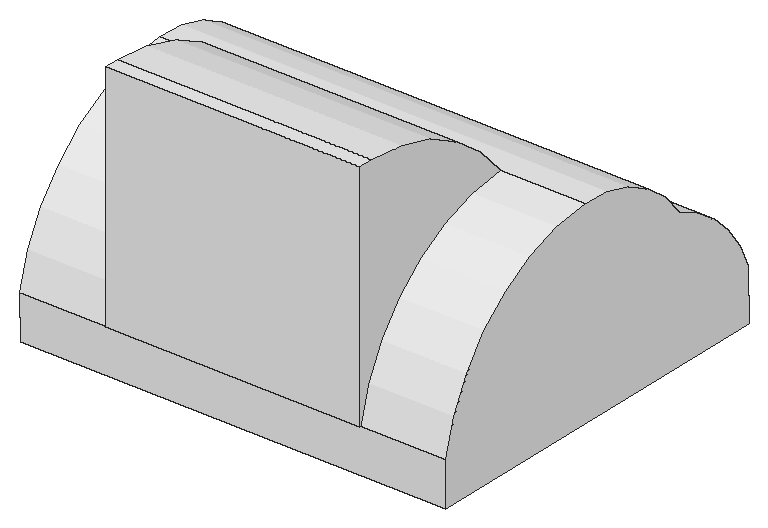
Revit family "WD14-Down", category Lighting Fixtures, host Wall, Revit 2013
Parameters (values of type "WD14-Down")
  Wattage Comments = "64W"
  Wattage = 12.1178 W
  built-in parameter 1150110 = 1 (stored number, unit not read)
  Voltage = 120 V
  URL = "www.kimlighting.com/"
  Type Comments = "Lighting Fixture"  # constant formula
  built-in parameter 1114217 = 1 (stored number, unit not read)
  Tilt Angle = 90.00°
  built-in parameter 1150109 = 1 (stored number, unit not read)
  built-in parameter 1150134 = (empty or 0)
  built-in parameter 1150113 = 1 (stored number, unit not read)
  Series = "Wall Director"  # constant formula
  Revision Date = "11/10/2017"  # constant formula
  Product Page URL = "http://www.kimlighting.com/products/wall_director"
  Product Documentation Link = "http://www.kimlighting.com/content/products/specs/specs_files/kl_wd14eled_spec.pdf"
  Power Factor = 1  # constant formula
  Photometric Web Link = "http://www.kimlighting.com/products/wall_director"
  Photometric Web File = "wd14d2-150p.ies"
  Photometric Notes = "More IES files download on Photometric Web Link"  # constant formula
  OmniClass Title = "Wall or Ceiling Mounted External Lighting"  # constant formula
  OmniClass Number = "23-80 70 14 11 17"  # constant formula
  Number of Poles = 1
  Note Visible = yes
  Note Text = "LF"  # constant formula
  Model = "WD18 - Down"  # constant formula
  MasterFormat Title = "Parking Lighting, Site Lighting"  # constant formula
  Manufacturer Phone = "626-968-5666"  # constant formula
  Manufacturer Fax = "626-369-2695"  # constant formula
  Manufacturer = "Kim Lighting"  # constant formula
  Lumens = 1800 lm
  built-in parameter 1150115 = 1 (stored number, unit not read)
  built-in parameter 1150105 = 874 (stored number, unit not read)
  Load Classification = Lighting
  built-in parameter 1150137 = (empty or 0)
  built-in parameter 1150139 = (empty or 0)
  built-in parameter 1150112 = 1 (stored number, unit not read)
  built-in parameter 1150114 = 1 (stored number, unit not read)
  Lamp = "60 LEDs"  # constant formula
  built-in parameter 1150132 = 2
  built-in parameter 1150102 = (empty or 0)
  built-in parameter 1150138 = (empty or 0)
  built-in parameter 1150107 = 3000 (stored number, unit not read)
  built-in parameter 1150106 = 8.74 (stored number, unit not read)
  Housing material = Metal-Kim Lighting-Spun Aluminum
  Glass Material = Glass-Kim Lighting-Clear
  Finish = "All colors shall be a Super TGIC powder coat paint. Optional white (WH) and custom colors available."
  Emit from Rectangle Width = 4"
  Emit from Rectangle Length = 4"
  Emit Shape Visible in Rendering = no
  built-in parameter 1150104 = 13.8 (stored number, unit not read)
  Default Elevation = 80"
  Dimming Lamp Color Temperature Shift = <None>
  Description = "Wall Mounted Luminaire"  # constant formula
  Color Filter = 16777215
  built-in parameter 1114218 = 1 (stored number, unit not read)
  built-in parameter 1150133 = 10 (stored number, unit not read)
  Assembly Code = "D5020200"
  Apparent Load = 0 VA
Reference planes (in)
  plane 1: y = 0
  plane 2 "Light Source Axis (F/B)": y = 11.5
  plane 3 "Light Source Axis (L/R)": x = -1.43133
  plane 4 "Light Source Elevation": z = 80
  plane 5 "Back": y = 3
  plane 6: z = 0
  plane 7: z = 86.7599
  plane 8: x = -8.74383
  plane 9: x = 5.88117
Forms (in)
  Extrusion 1, solid, material "Metal-Kim Lighting-Spun Aluminum" <- "Housing material"
    sketch origin (5.88117, 0, 0) x (0, -1, 0) y (0, 0, 1)
      loop
        line (-3, 80) -> (-3, 81.5)
        arc (-3, 81.5) -> (-5.08896, 85.16917) -> (-9, 86.7599) r 6.44949
        arc (-9, 86.7599) -> (-11.26413, 86.28816) -> (-13, 84.7599) r 4.52817
        arc (-13, 84.7599) -> (-14.82061, 83.58051) -> (-16, 81.7599) r 5.1891
        line (-16, 81.7599) -> (-16, 80) -> (-3, 80)
    from 0 to 14.625
  Extrusion 2, solid, material "Metal-Kim Lighting-Spun Aluminum" <- "Housing material"
    sketch origin (2.94367, 0, 0) x (0, -1, 0) y (0, 0, 1)
      loop
        line (-3, 81.5) -> (-3, 89.5) -> (-3.5, 89.5)
        arc (-3.5, 89.5) -> (-6.57238, 88.77705) -> (-9, 86.7599) r 6.88992
        line (-9, 86.7599) -> (-9, 81.5) -> (-3, 81.5)
    from 0 to 8.75
  Extrusion 3, void
    sketch origin (-1.43133, 11.5, 0) x (0, 1, 0) y (0, 0, 1)
      loop
        line (3.94219, 80) -> (3.94219, 81.06031) -> (-8.05781, 81.06031) -> (-8.05781, 80) -> (3.94219, 80)
    from -6.87139 to 6.95833
  Extrusion 4, solid, material "Glass-Kim Lighting-Clear" <- "Glass Material"
    sketch origin (0, 0, 80) x (0, 1, 0) y (1, 0, 0)
      loop
        line (15.44219, -8.30272) -> (15.44219, 5.52701) -> (3.44219, 5.52701) -> (3.44219, -8.30272) -> (15.44219, -8.30272)
    from -0.45798 to 0
Cuts and joins
  Extrusion 3 cuts Extrusion 1
  Extrusion 3 cuts Extrusion 2
Text (in)
  text "Placement Side" at (0, 30.98322, 113.37339), in view "Right"
  text "Placement Side" at (-61.11156, 46.17328, 0), in view "Ref. Level"
  text "Placement Side" at (0, 57.47769, 119.52905), in view "Left"
Dimensions and locks (in)
  locked: plane 5 "Back" to plane 2 "Light Source Axis (F/B)" at 8.5
  locked: plane 5 "Back" to host wall at 0
  "Default Elevation": plane 6 to plane 4 "Light Source Elevation"
  equal spacing: plane 8, plane 3 "Light Source Axis (L/R)", plane 9
  locked: plane 8 to plane 9 at 14.625
  locked: plane 1 to plane 2 "Light Source Axis (F/B)" at 11.5
  aligned and locked: plane 4 "Light Source Elevation" to imposter light
  aligned and locked: level to plane 6
  aligned and locked: plane 8 to cut or joined group of Extrusion 1, Extrusion 3
  aligned and locked: cut or joined group of Extrusion 1, Extrusion 3 to plane 9
  aligned and locked: imposter light to plane 2 "Light Source Axis (F/B)"
  aligned and locked: plane 4 "Light Source Elevation" to Extrusion 3 sketch curve
  aligned and locked: Extrusion 4 sketch curve to cut or joined group of Extrusion 1, Extrusion 3  (x4)
  aligned and locked: plane 4 "Light Source Elevation" to Extrusion 4
Automatic sketch dimensions
  plane 4 "Light Source Elevation" to Extrusion 1 sketch curve = 0"
  Extrusion 1 sketch curve to host wall = 3"
  Extrusion 1 sketch curve to plane 4 "Light Source Elevation" = 1 1/2"
  plane 7 to Extrusion 1 sketch curve = 0"  (x2)
  Extrusion 1 sketch curve to plane 2 "Light Source Axis (F/B)" = 4 1/2"
  Extrusion 1 sketch curve to plane 2 "Light Source Axis (F/B)" = 1 1/2"
  plane 4 "Light Source Elevation" to Extrusion 1 sketch curve = 0.08874"
  Extrusion 1 sketch curve to plane 4 "Light Source Elevation" = 0.31941"
  Extrusion 2 sketch curve to host wall = 3"
  plane 7 to Extrusion 2 sketch curve = 0"
  Extrusion 2 sketch curve to Extrusion 2 sketch curve = 1/2"
  Extrusion 2 sketch curve to plane 4 "Light Source Elevation" = 1 1/2"
  Extrusion 2 sketch curve to Extrusion 2 sketch curve = 2.7401"
  Extrusion 1 sketch curve to plane 4 "Light Source Elevation" = 1.7599"
  plane 2 "Light Source Axis (F/B)" to Extrusion 1 sketch curve = 0.34864"
  Extrusion 1 sketch curve to Extrusion 1 sketch curve = 1.81085"
  Extrusion 2 sketch curve to host wall = 9"
  host wall to Extrusion 3 sketch curve = 0.44219"
  Extrusion 3 sketch curve to plane 4 "Light Source Elevation" = 1.06031"
  Extrusion 3 sketch curve to plane 2 "Light Source Axis (F/B)" = 3.94219"
Connectors (in)
  electrical at (-5.80633, 5.5, 85.75198), driven by "Voltage", driven by "Load Classification", driven by "Apparent Load", driven by "Power Factor"
    settings: on cut or joined group of Extrusion 2, Extrusion 3, index 1, voltage 120 V, apparent load 0 VA, apparent load phase1 0 VA, apparent load phase2 0 VA, apparent load phase3 0 VA, power factor 1, load classification "Lighting", number of poles 1, system type 30, power factor state 1, is connector primary yes, connector utility no, sub classification motor no, connector description "Lighting Connector"
